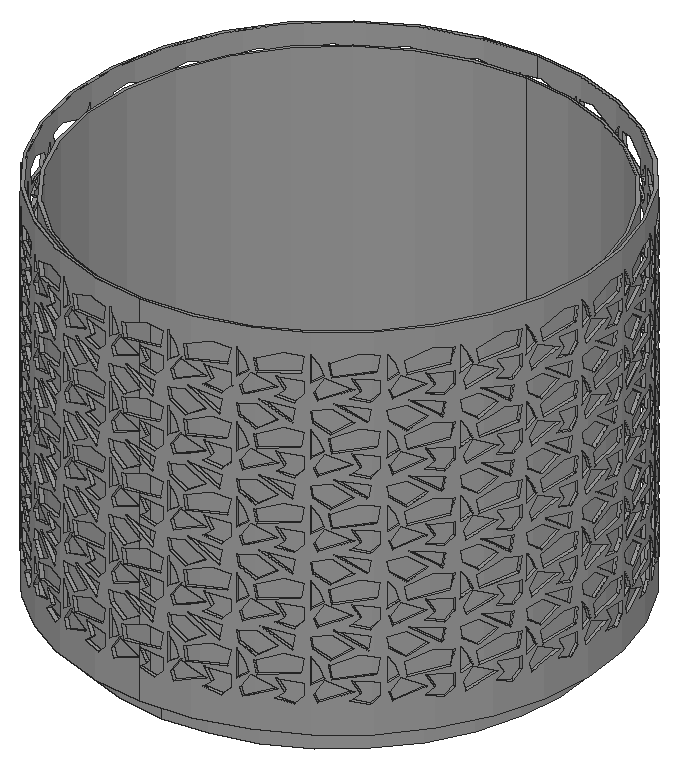
Revit family "14832 Цветочница «Филигран» средняя, диаметр 900 мм Хоббика", category Антураж, Revit 2018 (continued)
Automatic sketch dimensions
  Extrusion 18 sketch curve to plane 6 = 114.396 mm
  level to Extrusion 18 sketch curve = 212.391 mm
  Extrusion 18 sketch curve to Extrusion 18 sketch curve = 3.307 mm  (x4)
  Extrusion 18 sketch curve to plane 6 = 121.609 mm
  level to Extrusion 18 sketch curve = 334.391 mm
  Extrusion 18 sketch curve to plane 6 = 243.609 mm
  Extrusion 18 sketch curve to plane 6 = 72.971 mm
  Extrusion 18 sketch curve to Extrusion 18 sketch curve = 28.051 mm  (x5)
  level to Extrusion 18 sketch curve = 139.029 mm
  Extrusion 18 sketch curve to plane 6 = 316.971 mm
  level to Extrusion 18 sketch curve = 261.029 mm
  Extrusion 18 sketch curve to plane 6 = 194.971 mm
  Extrusion 18 sketch curve to plane 6 = 163.615 mm
  Extrusion 18 sketch curve to Extrusion 18 sketch curve = 0.133 mm  (x4)
  Extrusion 18 sketch curve to plane 6 = 285.615 mm
  level to Extrusion 18 sketch curve = 292.385 mm
  level to Extrusion 18 sketch curve = 170.385 mm
  level to Extrusion 18 sketch curve = 284.794 mm
  Extrusion 18 sketch curve to Extrusion 18 sketch curve = 4.057 mm  (x4)
  Extrusion 18 sketch curve to plane 6 = 171.206 mm
  level to Extrusion 18 sketch curve = 162.794 mm
  Extrusion 18 sketch curve to plane 6 = 49.206 mm
  Extrusion 18 sketch curve to Extrusion 18 sketch curve = 4.19 mm
  Extrusion 18 sketch curve to plane 6 = 293.206 mm
  Extrusion 18 sketch curve to plane 6 = 72.501 mm
  Extrusion 18 sketch curve to Extrusion 18 sketch curve = 8.628 mm  (x5)
  level to Extrusion 18 sketch curve = 139.499 mm
  Extrusion 18 sketch curve to plane 6 = 316.501 mm
  level to Extrusion 18 sketch curve = 261.499 mm
  Extrusion 18 sketch curve to plane 6 = 194.501 mm
  level to Extrusion 18 sketch curve = 141.498 mm
  Extrusion 18 sketch curve to Extrusion 18 sketch curve = 0.747 mm  (x5)
  Extrusion 18 sketch curve to plane 6 = 314.502 mm
  Extrusion 18 sketch curve to plane 6 = 70.502 mm
  level to Extrusion 18 sketch curve = 263.498 mm
  Extrusion 18 sketch curve to plane 6 = 192.502 mm
  level to Extrusion 18 sketch curve = 160.292 mm
  Extrusion 18 sketch curve to Extrusion 18 sketch curve = 12.025 mm  (x5)
  Extrusion 18 sketch curve to plane 6 = 173.708 mm
  Extrusion 18 sketch curve to plane 6 = 295.708 mm
  Extrusion 18 sketch curve to plane 6 = 51.708 mm
  level to Extrusion 18 sketch curve = 282.292 mm
  level to Extrusion 18 sketch curve = 345.67 mm
  Extrusion 18 sketch curve to Extrusion 18 sketch curve = 19.647 mm  (x4)
  Extrusion 18 sketch curve to plane 6 = 232.33 mm
  Extrusion 18 sketch curve to plane 6 = 110.33 mm
  level to Extrusion 18 sketch curve = 223.67 mm
  level to Extrusion 18 sketch curve = 101.67 mm
  Extrusion 18 sketch curve to Extrusion 18 sketch curve = 10.899 mm
  Extrusion 18 sketch curve to plane 6 = 217.681 mm
  level to Extrusion 18 sketch curve = 116.319 mm
  level to Extrusion 18 sketch curve = 238.319 mm
  Extrusion 18 sketch curve to plane 6 = 95.681 mm
  Extrusion 18 sketch curve to plane 6 = 339.681 mm
  level to Extrusion 18 sketch curve = 188.601 mm
  Extrusion 18 sketch curve to Extrusion 18 sketch curve = 9.934 mm  (x4)
  Extrusion 18 sketch curve to plane 6 = 267.399 mm
  Extrusion 18 sketch curve to plane 6 = 145.399 mm
  level to Extrusion 18 sketch curve = 310.601 mm
  Extrusion 18 sketch curve to plane 6 = 156.752 mm
  Extrusion 18 sketch curve to Extrusion 18 sketch curve = 2.998 mm  (x2)
  Extrusion 18 sketch curve to Extrusion 18 sketch curve = 4.288 mm  (x3)
  Extrusion 18 sketch curve to plane 6 = 325.917 mm
  Extrusion 18 sketch curve to plane 6 = 126.818 mm
  Extrusion 18 sketch curve to plane 6 = 248.818 mm
  level to Extrusion 18 sketch curve = 207.182 mm
  level to Extrusion 18 sketch curve = 329.182 mm
  Extrusion 18 sketch curve to Extrusion 18 sketch curve = 13.764 mm  (x4)
  Extrusion 18 sketch curve to Extrusion 18 sketch curve = 11.353 mm  (x3)
  Extrusion 18 sketch curve to Extrusion 18 sketch curve = 12.985 mm
  Extrusion 18 sketch curve to Extrusion 18 sketch curve = 16.957 mm
  level to Extrusion 19 sketch curve = 133.966 mm
  level to Extrusion 19 sketch curve = 255.966 mm
  Extrusion 19 sketch curve to Extrusion 19 sketch curve = 0 mm  (x9)
  Extrusion 19 sketch curve to plane 6 = 282.455 mm
  Extrusion 19 sketch curve to plane 6 = 78.034 mm
  Extrusion 19 sketch curve to plane 6 = 344.088 mm
  level to Extrusion 19 sketch curve = 173.545 mm
  Extrusion 19 sketch curve to plane 6 = 200.034 mm
  Extrusion 19 sketch curve to plane 6 = 38.455 mm
  level to Extrusion 19 sketch curve = 295.545 mm
  Extrusion 19 sketch curve to plane 6 = 160.455 mm
  Extrusion 19 sketch curve to plane 6 = 187.049 mm
  Extrusion 19 sketch curve to Extrusion 19 sketch curve = 4.689 mm  (x5)
  level to Extrusion 19 sketch curve = 268.951 mm
  Extrusion 19 sketch curve to plane 6 = 65.049 mm
  level to Extrusion 19 sketch curve = 146.951 mm
  Extrusion 19 sketch curve to plane 6 = 309.049 mm
  level to Extrusion 19 sketch curve = 332.294 mm
  Extrusion 19 sketch curve to Extrusion 19 sketch curve = 12.981 mm  (x4)
  Extrusion 19 sketch curve to plane 6 = 245.706 mm
  Extrusion 19 sketch curve to plane 6 = 123.706 mm
  level to Extrusion 19 sketch curve = 210.294 mm
  level to Extrusion 19 sketch curve = 97.77 mm
  Extrusion 19 sketch curve to Extrusion 19 sketch curve = 14.142 mm  (x5)
  level to Extrusion 19 sketch curve = 219.77 mm
  Extrusion 19 sketch curve to Extrusion 19 sketch curve = 1.161 mm  (x4)
  Extrusion 19 sketch curve to plane 6 = 114.23 mm
  level to Extrusion 19 sketch curve = 341.77 mm
  Extrusion 19 sketch curve to plane 6 = 236.23 mm
  level to Extrusion 19 sketch curve = 307.674 mm
  Extrusion 19 sketch curve to Extrusion 19 sketch curve = 17.322 mm  (x4)
  Extrusion 19 sketch curve to plane 6 = 270.326 mm
  Extrusion 19 sketch curve to plane 6 = 148.326 mm
  level to Extrusion 19 sketch curve = 185.674 mm
  Extrusion 19 sketch curve to plane 6 = 95.434 mm
  Extrusion 19 sketch curve to Extrusion 19 sketch curve = 14.512 mm  (x5)
  Extrusion 19 sketch curve to plane 6 = 217.434 mm
  Extrusion 19 sketch curve to plane 6 = 339.434 mm
  level to Extrusion 19 sketch curve = 238.566 mm
  level to Extrusion 19 sketch curve = 116.566 mm
  level to Extrusion 19 sketch curve = 178.754 mm
  Extrusion 19 sketch curve to plane 6 = 277.246 mm
  Extrusion 19 sketch curve to plane 6 = 33.246 mm
  level to Extrusion 19 sketch curve = 300.754 mm
  Extrusion 19 sketch curve to plane 6 = 155.246 mm
  level to Extrusion 19 sketch curve = 311.448 mm
  Extrusion 19 sketch curve to Extrusion 19 sketch curve = 6.775 mm  (x4)
  Extrusion 19 sketch curve to plane 6 = 266.552 mm
  Extrusion 19 sketch curve to plane 6 = 144.552 mm
  level to Extrusion 19 sketch curve = 189.448 mm
  level to Extrusion 19 sketch curve = 120.481 mm
  Extrusion 19 sketch curve to Extrusion 19 sketch curve = 8.395 mm  (x5)
  Extrusion 19 sketch curve to plane 6 = 213.519 mm
  Extrusion 19 sketch curve to plane 6 = 335.519 mm
  Extrusion 19 sketch curve to plane 6 = 91.519 mm
  level to Extrusion 19 sketch curve = 242.481 mm
  level to Extrusion 19 sketch curve = 260.217 mm
  Extrusion 19 sketch curve to Extrusion 19 sketch curve = 4.105 mm  (x5)
  Extrusion 19 sketch curve to plane 6 = 317.783 mm
  level to Extrusion 19 sketch curve = 138.217 mm
  Extrusion 19 sketch curve to plane 6 = 195.783 mm
  Extrusion 19 sketch curve to plane 6 = 73.783 mm
  level to Extrusion 19 sketch curve = 105.534 mm
  Extrusion 19 sketch curve to Extrusion 19 sketch curve = 6.071 mm  (x5)
  Extrusion 19 sketch curve to plane 6 = 106.466 mm
  level to Extrusion 19 sketch curve = 227.534 mm
  Extrusion 19 sketch curve to plane 6 = 228.466 mm
  level to Extrusion 19 sketch curve = 349.534 mm
  Extrusion 19 sketch curve to plane 6 = 236.396 mm
  level to Extrusion 19 sketch curve = 341.604 mm
  level to Extrusion 19 sketch curve = 219.604 mm
  Extrusion 19 sketch curve to plane 6 = 114.396 mm
  level to Extrusion 19 sketch curve = 212.391 mm
  Extrusion 19 sketch curve to Extrusion 19 sketch curve = 3.307 mm  (x4)
  Extrusion 19 sketch curve to plane 6 = 121.609 mm
  level to Extrusion 19 sketch curve = 334.391 mm
  Extrusion 19 sketch curve to plane 6 = 243.609 mm
  Extrusion 19 sketch curve to plane 6 = 72.971 mm
  Extrusion 19 sketch curve to Extrusion 19 sketch curve = 28.051 mm  (x5)
  level to Extrusion 19 sketch curve = 139.029 mm
  Extrusion 19 sketch curve to plane 6 = 316.971 mm
  level to Extrusion 19 sketch curve = 261.029 mm
  Extrusion 19 sketch curve to plane 6 = 194.971 mm
  Extrusion 19 sketch curve to plane 6 = 163.615 mm
  Extrusion 19 sketch curve to Extrusion 19 sketch curve = 0.133 mm  (x4)
  Extrusion 19 sketch curve to plane 6 = 285.615 mm
  level to Extrusion 19 sketch curve = 292.385 mm
  level to Extrusion 19 sketch curve = 170.385 mm
  level to Extrusion 19 sketch curve = 284.794 mm
  Extrusion 19 sketch curve to Extrusion 19 sketch curve = 4.057 mm  (x4)
  Extrusion 19 sketch curve to plane 6 = 171.206 mm
  level to Extrusion 19 sketch curve = 162.794 mm
  Extrusion 19 sketch curve to plane 6 = 49.206 mm
  Extrusion 19 sketch curve to Extrusion 19 sketch curve = 4.19 mm
  Extrusion 19 sketch curve to plane 6 = 293.206 mm
  Extrusion 19 sketch curve to plane 6 = 72.501 mm
  Extrusion 19 sketch curve to Extrusion 19 sketch curve = 8.628 mm  (x5)
  level to Extrusion 19 sketch curve = 139.499 mm
  Extrusion 19 sketch curve to plane 6 = 316.501 mm
  level to Extrusion 19 sketch curve = 261.499 mm
  Extrusion 19 sketch curve to plane 6 = 194.501 mm
  level to Extrusion 19 sketch curve = 141.498 mm
  Extrusion 19 sketch curve to Extrusion 19 sketch curve = 0.747 mm  (x5)
  Extrusion 19 sketch curve to plane 6 = 314.502 mm
  Extrusion 19 sketch curve to plane 6 = 70.502 mm
  level to Extrusion 19 sketch curve = 263.498 mm
  Extrusion 19 sketch curve to plane 6 = 192.502 mm
  level to Extrusion 19 sketch curve = 160.292 mm
  Extrusion 19 sketch curve to Extrusion 19 sketch curve = 12.025 mm  (x5)
  Extrusion 19 sketch curve to plane 6 = 173.708 mm
  Extrusion 19 sketch curve to plane 6 = 295.708 mm
  Extrusion 19 sketch curve to plane 6 = 51.708 mm
  level to Extrusion 19 sketch curve = 282.292 mm
  level to Extrusion 19 sketch curve = 345.67 mm
  Extrusion 19 sketch curve to Extrusion 19 sketch curve = 19.647 mm  (x4)
  Extrusion 19 sketch curve to plane 6 = 232.33 mm
  Extrusion 19 sketch curve to plane 6 = 110.33 mm
  level to Extrusion 19 sketch curve = 223.67 mm
  level to Extrusion 19 sketch curve = 101.67 mm
  Extrusion 19 sketch curve to Extrusion 19 sketch curve = 10.899 mm
  Extrusion 19 sketch curve to plane 6 = 217.681 mm
  level to Extrusion 19 sketch curve = 116.319 mm
  level to Extrusion 19 sketch curve = 238.319 mm
  Extrusion 19 sketch curve to plane 6 = 95.681 mm
  Extrusion 19 sketch curve to plane 6 = 339.681 mm
  level to Extrusion 19 sketch curve = 188.601 mm
  Extrusion 19 sketch curve to Extrusion 19 sketch curve = 9.934 mm  (x4)
  Extrusion 19 sketch curve to plane 6 = 267.399 mm
  Extrusion 19 sketch curve to plane 6 = 145.399 mm
  level to Extrusion 19 sketch curve = 310.601 mm
  Extrusion 19 sketch curve to plane 6 = 156.752 mm
  Extrusion 19 sketch curve to Extrusion 19 sketch curve = 2.998 mm  (x2)
  Extrusion 19 sketch curve to Extrusion 19 sketch curve = 4.288 mm  (x3)
  Extrusion 19 sketch curve to plane 6 = 325.917 mm
  Extrusion 19 sketch curve to plane 6 = 126.818 mm
  Extrusion 19 sketch curve to plane 6 = 248.818 mm
  level to Extrusion 19 sketch curve = 207.182 mm
  level to Extrusion 19 sketch curve = 329.182 mm
  Extrusion 19 sketch curve to Extrusion 19 sketch curve = 13.764 mm  (x4)
  Extrusion 19 sketch curve to Extrusion 19 sketch curve = 11.353 mm  (x3)
  Extrusion 19 sketch curve to Extrusion 19 sketch curve = 12.985 mm
  Extrusion 19 sketch curve to Extrusion 19 sketch curve = 16.957 mm
  level to Extrusion 20 sketch curve = 133.966 mm
  level to Extrusion 20 sketch curve = 255.966 mm
  Extrusion 20 sketch curve to Extrusion 20 sketch curve = 0 mm  (x9)
  Extrusion 20 sketch curve to plane 6 = 282.455 mm
  Extrusion 20 sketch curve to plane 6 = 78.034 mm
  Extrusion 20 sketch curve to plane 6 = 344.088 mm
  level to Extrusion 20 sketch curve = 173.545 mm
  Extrusion 20 sketch curve to plane 6 = 200.034 mm
  Extrusion 20 sketch curve to plane 6 = 38.455 mm
  level to Extrusion 20 sketch curve = 295.545 mm
  Extrusion 20 sketch curve to plane 6 = 160.455 mm
  Extrusion 20 sketch curve to plane 6 = 187.049 mm
  Extrusion 20 sketch curve to Extrusion 20 sketch curve = 4.689 mm  (x5)
  level to Extrusion 20 sketch curve = 268.951 mm
  Extrusion 20 sketch curve to plane 6 = 65.049 mm
  level to Extrusion 20 sketch curve = 146.951 mm
  Extrusion 20 sketch curve to plane 6 = 309.049 mm
  level to Extrusion 20 sketch curve = 332.294 mm
  Extrusion 20 sketch curve to Extrusion 20 sketch curve = 12.981 mm  (x4)
  Extrusion 20 sketch curve to plane 6 = 245.706 mm
  Extrusion 20 sketch curve to plane 6 = 123.706 mm
  level to Extrusion 20 sketch curve = 210.294 mm
  level to Extrusion 20 sketch curve = 97.77 mm
  Extrusion 20 sketch curve to Extrusion 20 sketch curve = 14.142 mm  (x5)
  level to Extrusion 20 sketch curve = 219.77 mm
  Extrusion 20 sketch curve to Extrusion 20 sketch curve = 1.161 mm  (x4)
  Extrusion 20 sketch curve to plane 6 = 114.23 mm
  level to Extrusion 20 sketch curve = 341.77 mm
  Extrusion 20 sketch curve to plane 6 = 236.23 mm
  level to Extrusion 20 sketch curve = 307.674 mm
  Extrusion 20 sketch curve to Extrusion 20 sketch curve = 17.322 mm  (x4)
  Extrusion 20 sketch curve to plane 6 = 270.326 mm
  Extrusion 20 sketch curve to plane 6 = 148.326 mm
  level to Extrusion 20 sketch curve = 185.674 mm
  Extrusion 20 sketch curve to plane 6 = 95.434 mm
  Extrusion 20 sketch curve to Extrusion 20 sketch curve = 14.512 mm  (x5)
  Extrusion 20 sketch curve to plane 6 = 217.434 mm
  Extrusion 20 sketch curve to plane 6 = 339.434 mm
  level to Extrusion 20 sketch curve = 238.566 mm
  level to Extrusion 20 sketch curve = 116.566 mm
  level to Extrusion 20 sketch curve = 178.754 mm
  Extrusion 20 sketch curve to plane 6 = 277.246 mm
  Extrusion 20 sketch curve to plane 6 = 33.246 mm
  level to Extrusion 20 sketch curve = 300.754 mm
  Extrusion 20 sketch curve to plane 6 = 155.246 mm
  level to Extrusion 20 sketch curve = 311.448 mm
  Extrusion 20 sketch curve to Extrusion 20 sketch curve = 6.775 mm  (x4)
  Extrusion 20 sketch curve to plane 6 = 266.552 mm
  Extrusion 20 sketch curve to plane 6 = 144.552 mm
  level to Extrusion 20 sketch curve = 189.448 mm
  level to Extrusion 20 sketch curve = 120.481 mm
  Extrusion 20 sketch curve to Extrusion 20 sketch curve = 8.395 mm  (x5)
  Extrusion 20 sketch curve to plane 6 = 213.519 mm
  Extrusion 20 sketch curve to plane 6 = 335.519 mm
  Extrusion 20 sketch curve to plane 6 = 91.519 mm
  level to Extrusion 20 sketch curve = 242.481 mm
  level to Extrusion 20 sketch curve = 260.217 mm
  Extrusion 20 sketch curve to Extrusion 20 sketch curve = 4.105 mm  (x5)
  Extrusion 20 sketch curve to plane 6 = 317.783 mm
  level to Extrusion 20 sketch curve = 138.217 mm
  Extrusion 20 sketch curve to plane 6 = 195.783 mm
  Extrusion 20 sketch curve to plane 6 = 73.783 mm
  level to Extrusion 20 sketch curve = 105.534 mm
  Extrusion 20 sketch curve to Extrusion 20 sketch curve = 6.071 mm  (x5)
  Extrusion 20 sketch curve to plane 6 = 106.466 mm
  level to Extrusion 20 sketch curve = 227.534 mm
  Extrusion 20 sketch curve to plane 6 = 228.466 mm
  level to Extrusion 20 sketch curve = 349.534 mm
  Extrusion 20 sketch curve to plane 6 = 236.396 mm
  level to Extrusion 20 sketch curve = 341.604 mm
  level to Extrusion 20 sketch curve = 219.604 mm
  Extrusion 20 sketch curve to plane 6 = 114.396 mm
  level to Extrusion 20 sketch curve = 212.391 mm
  Extrusion 20 sketch curve to Extrusion 20 sketch curve = 3.307 mm  (x4)
  Extrusion 20 sketch curve to plane 6 = 121.609 mm
  level to Extrusion 20 sketch curve = 334.391 mm
  Extrusion 20 sketch curve to plane 6 = 243.609 mm
  Extrusion 20 sketch curve to plane 6 = 72.971 mm
  Extrusion 20 sketch curve to Extrusion 20 sketch curve = 28.051 mm  (x5)
  level to Extrusion 20 sketch curve = 139.029 mm
  Extrusion 20 sketch curve to plane 6 = 316.971 mm
  level to Extrusion 20 sketch curve = 261.029 mm
  Extrusion 20 sketch curve to plane 6 = 194.971 mm
  Extrusion 20 sketch curve to plane 6 = 163.615 mm
  Extrusion 20 sketch curve to Extrusion 20 sketch curve = 0.133 mm  (x4)
  Extrusion 20 sketch curve to plane 6 = 285.615 mm
  level to Extrusion 20 sketch curve = 292.385 mm
  level to Extrusion 20 sketch curve = 170.385 mm
  level to Extrusion 20 sketch curve = 284.794 mm
  Extrusion 20 sketch curve to Extrusion 20 sketch curve = 4.057 mm  (x4)
  Extrusion 20 sketch curve to plane 6 = 171.206 mm
  level to Extrusion 20 sketch curve = 162.794 mm
  Extrusion 20 sketch curve to plane 6 = 49.206 mm
  Extrusion 20 sketch curve to Extrusion 20 sketch curve = 4.19 mm
  Extrusion 20 sketch curve to plane 6 = 293.206 mm
  Extrusion 20 sketch curve to plane 6 = 72.501 mm
  Extrusion 20 sketch curve to Extrusion 20 sketch curve = 8.628 mm  (x5)
  level to Extrusion 20 sketch curve = 139.499 mm
  Extrusion 20 sketch curve to plane 6 = 316.501 mm
  level to Extrusion 20 sketch curve = 261.499 mm
  Extrusion 20 sketch curve to plane 6 = 194.501 mm
  level to Extrusion 20 sketch curve = 141.498 mm
  Extrusion 20 sketch curve to Extrusion 20 sketch curve = 0.747 mm  (x5)
  Extrusion 20 sketch curve to plane 6 = 314.502 mm
  Extrusion 20 sketch curve to plane 6 = 70.502 mm
  level to Extrusion 20 sketch curve = 263.498 mm
  Extrusion 20 sketch curve to plane 6 = 192.502 mm
  level to Extrusion 20 sketch curve = 160.292 mm
  Extrusion 20 sketch curve to Extrusion 20 sketch curve = 12.025 mm  (x5)
  Extrusion 20 sketch curve to plane 6 = 173.708 mm
  Extrusion 20 sketch curve to plane 6 = 295.708 mm
  Extrusion 20 sketch curve to plane 6 = 51.708 mm
  level to Extrusion 20 sketch curve = 282.292 mm
  level to Extrusion 20 sketch curve = 345.67 mm
  Extrusion 20 sketch curve to Extrusion 20 sketch curve = 19.647 mm  (x4)
  Extrusion 20 sketch curve to plane 6 = 232.33 mm
  Extrusion 20 sketch curve to plane 6 = 110.33 mm
  level to Extrusion 20 sketch curve = 223.67 mm
  level to Extrusion 20 sketch curve = 101.67 mm
  Extrusion 20 sketch curve to Extrusion 20 sketch curve = 10.899 mm
  Extrusion 20 sketch curve to plane 6 = 217.681 mm
  level to Extrusion 20 sketch curve = 116.319 mm
  level to Extrusion 20 sketch curve = 238.319 mm
  Extrusion 20 sketch curve to plane 6 = 95.681 mm
  Extrusion 20 sketch curve to plane 6 = 339.681 mm
  level to Extrusion 20 sketch curve = 188.601 mm
  Extrusion 20 sketch curve to Extrusion 20 sketch curve = 9.934 mm  (x4)
  Extrusion 20 sketch curve to plane 6 = 267.399 mm
  Extrusion 20 sketch curve to plane 6 = 145.399 mm
  level to Extrusion 20 sketch curve = 310.601 mm
  Extrusion 20 sketch curve to plane 6 = 156.752 mm
  Extrusion 20 sketch curve to Extrusion 20 sketch curve = 2.998 mm  (x2)
  Extrusion 20 sketch curve to Extrusion 20 sketch curve = 4.288 mm  (x3)
  Extrusion 20 sketch curve to plane 6 = 325.917 mm
  Extrusion 20 sketch curve to plane 6 = 126.818 mm
  Extrusion 20 sketch curve to plane 6 = 248.818 mm
  level to Extrusion 20 sketch curve = 207.182 mm
  level to Extrusion 20 sketch curve = 329.182 mm
  Extrusion 20 sketch curve to Extrusion 20 sketch curve = 13.764 mm  (x4)
  Extrusion 20 sketch curve to Extrusion 20 sketch curve = 11.353 mm  (x3)
  Extrusion 20 sketch curve to Extrusion 20 sketch curve = 12.985 mm
  Extrusion 20 sketch curve to Extrusion 20 sketch curve = 16.957 mm
  level to Extrusion 21 sketch curve = 133.966 mm
  level to Extrusion 21 sketch curve = 255.966 mm
  Extrusion 21 sketch curve to Extrusion 21 sketch curve = 0 mm  (x9)
  Extrusion 21 sketch curve to plane 6 = 282.455 mm
  Extrusion 21 sketch curve to plane 6 = 78.034 mm
  Extrusion 21 sketch curve to plane 6 = 344.088 mm
  level to Extrusion 21 sketch curve = 173.545 mm
  Extrusion 21 sketch curve to plane 6 = 200.034 mm
  Extrusion 21 sketch curve to plane 6 = 38.455 mm
  level to Extrusion 21 sketch curve = 295.545 mm
  Extrusion 21 sketch curve to plane 6 = 160.455 mm
  Extrusion 21 sketch curve to plane 6 = 187.049 mm
  Extrusion 21 sketch curve to Extrusion 21 sketch curve = 4.689 mm  (x5)
  level to Extrusion 21 sketch curve = 268.951 mm
  Extrusion 21 sketch curve to plane 6 = 65.049 mm
  level to Extrusion 21 sketch curve = 146.951 mm
  Extrusion 21 sketch curve to plane 6 = 309.049 mm
  level to Extrusion 21 sketch curve = 332.294 mm
  Extrusion 21 sketch curve to Extrusion 21 sketch curve = 12.981 mm  (x4)
  Extrusion 21 sketch curve to plane 6 = 245.706 mm
  Extrusion 21 sketch curve to plane 6 = 123.706 mm
  level to Extrusion 21 sketch curve = 210.294 mm
  level to Extrusion 21 sketch curve = 97.77 mm
  Extrusion 21 sketch curve to Extrusion 21 sketch curve = 14.142 mm  (x5)
  level to Extrusion 21 sketch curve = 219.77 mm
  Extrusion 21 sketch curve to Extrusion 21 sketch curve = 1.161 mm  (x4)
  Extrusion 21 sketch curve to plane 6 = 114.23 mm
  level to Extrusion 21 sketch curve = 341.77 mm
  Extrusion 21 sketch curve to plane 6 = 236.23 mm
  level to Extrusion 21 sketch curve = 307.674 mm
  Extrusion 21 sketch curve to Extrusion 21 sketch curve = 17.322 mm  (x4)
  Extrusion 21 sketch curve to plane 6 = 270.326 mm
  Extrusion 21 sketch curve to plane 6 = 148.326 mm
  level to Extrusion 21 sketch curve = 185.674 mm
  Extrusion 21 sketch curve to plane 6 = 95.434 mm
  Extrusion 21 sketch curve to Extrusion 21 sketch curve = 14.512 mm  (x5)
  Extrusion 21 sketch curve to plane 6 = 217.434 mm
  Extrusion 21 sketch curve to plane 6 = 339.434 mm
  level to Extrusion 21 sketch curve = 238.566 mm
  level to Extrusion 21 sketch curve = 116.566 mm
  level to Extrusion 21 sketch curve = 178.754 mm
  Extrusion 21 sketch curve to plane 6 = 277.246 mm
  Extrusion 21 sketch curve to plane 6 = 33.246 mm
  level to Extrusion 21 sketch curve = 300.754 mm
  Extrusion 21 sketch curve to plane 6 = 155.246 mm
  level to Extrusion 21 sketch curve = 311.448 mm
  Extrusion 21 sketch curve to Extrusion 21 sketch curve = 6.775 mm  (x4)
  Extrusion 21 sketch curve to plane 6 = 266.552 mm
  Extrusion 21 sketch curve to plane 6 = 144.552 mm
  level to Extrusion 21 sketch curve = 189.448 mm
  level to Extrusion 21 sketch curve = 120.481 mm
  Extrusion 21 sketch curve to Extrusion 21 sketch curve = 8.395 mm  (x5)
  Extrusion 21 sketch curve to plane 6 = 213.519 mm
  Extrusion 21 sketch curve to plane 6 = 335.519 mm
  Extrusion 21 sketch curve to plane 6 = 91.519 mm
  level to Extrusion 21 sketch curve = 242.481 mm
  level to Extrusion 21 sketch curve = 260.217 mm
  Extrusion 21 sketch curve to Extrusion 21 sketch curve = 4.105 mm  (x5)
  Extrusion 21 sketch curve to plane 6 = 317.783 mm
  level to Extrusion 21 sketch curve = 138.217 mm
  Extrusion 21 sketch curve to plane 6 = 195.783 mm
  Extrusion 21 sketch curve to plane 6 = 73.783 mm
  level to Extrusion 21 sketch curve = 105.534 mm
  Extrusion 21 sketch curve to Extrusion 21 sketch curve = 6.071 mm  (x5)
  Extrusion 21 sketch curve to plane 6 = 106.466 mm
  level to Extrusion 21 sketch curve = 227.534 mm
  Extrusion 21 sketch curve to plane 6 = 228.466 mm
  level to Extrusion 21 sketch curve = 349.534 mm
  Extrusion 21 sketch curve to plane 6 = 236.396 mm
  level to Extrusion 21 sketch curve = 341.604 mm
  level to Extrusion 21 sketch curve = 219.604 mm
  Extrusion 21 sketch curve to plane 6 = 114.396 mm
  level to Extrusion 21 sketch curve = 212.391 mm
  Extrusion 21 sketch curve to Extrusion 21 sketch curve = 3.307 mm  (x4)
  Extrusion 21 sketch curve to plane 6 = 121.609 mm
  level to Extrusion 21 sketch curve = 334.391 mm
  Extrusion 21 sketch curve to plane 6 = 243.609 mm
  Extrusion 21 sketch curve to plane 6 = 72.971 mm
  Extrusion 21 sketch curve to Extrusion 21 sketch curve = 28.051 mm  (x5)
  level to Extrusion 21 sketch curve = 139.029 mm
  Extrusion 21 sketch curve to plane 6 = 316.971 mm
  level to Extrusion 21 sketch curve = 261.029 mm
  Extrusion 21 sketch curve to plane 6 = 194.971 mm
  Extrusion 21 sketch curve to plane 6 = 163.615 mm
  Extrusion 21 sketch curve to Extrusion 21 sketch curve = 0.133 mm  (x4)
  Extrusion 21 sketch curve to plane 6 = 285.615 mm
  level to Extrusion 21 sketch curve = 292.385 mm
  level to Extrusion 21 sketch curve = 170.385 mm
  level to Extrusion 21 sketch curve = 284.794 mm
  Extrusion 21 sketch curve to Extrusion 21 sketch curve = 4.057 mm  (x4)
  Extrusion 21 sketch curve to plane 6 = 171.206 mm
  level to Extrusion 21 sketch curve = 162.794 mm
  Extrusion 21 sketch curve to plane 6 = 49.206 mm
  Extrusion 21 sketch curve to Extrusion 21 sketch curve = 4.19 mm
  Extrusion 21 sketch curve to plane 6 = 293.206 mm
  Extrusion 21 sketch curve to plane 6 = 72.501 mm
  Extrusion 21 sketch curve to Extrusion 21 sketch curve = 8.628 mm  (x5)
  level to Extrusion 21 sketch curve = 139.499 mm
  Extrusion 21 sketch curve to plane 6 = 316.501 mm
  level to Extrusion 21 sketch curve = 261.499 mm
  Extrusion 21 sketch curve to plane 6 = 194.501 mm
  level to Extrusion 21 sketch curve = 141.498 mm
  Extrusion 21 sketch curve to Extrusion 21 sketch curve = 0.747 mm  (x5)
  Extrusion 21 sketch curve to plane 6 = 314.502 mm
  Extrusion 21 sketch curve to plane 6 = 70.502 mm
  level to Extrusion 21 sketch curve = 263.498 mm
  Extrusion 21 sketch curve to plane 6 = 192.502 mm
  level to Extrusion 21 sketch curve = 160.292 mm
  Extrusion 21 sketch curve to Extrusion 21 sketch curve = 12.025 mm  (x5)
  Extrusion 21 sketch curve to plane 6 = 173.708 mm
  Extrusion 21 sketch curve to plane 6 = 295.708 mm
  Extrusion 21 sketch curve to plane 6 = 51.708 mm
  level to Extrusion 21 sketch curve = 282.292 mm
  level to Extrusion 21 sketch curve = 345.67 mm
  Extrusion 21 sketch curve to Extrusion 21 sketch curve = 19.647 mm  (x4)
  Extrusion 21 sketch curve to plane 6 = 232.33 mm
  Extrusion 21 sketch curve to plane 6 = 110.33 mm
  level to Extrusion 21 sketch curve = 223.67 mm
  level to Extrusion 21 sketch curve = 101.67 mm
  Extrusion 21 sketch curve to Extrusion 21 sketch curve = 10.899 mm
  Extrusion 21 sketch curve to plane 6 = 217.681 mm
  level to Extrusion 21 sketch curve = 116.319 mm
  level to Extrusion 21 sketch curve = 238.319 mm
  Extrusion 21 sketch curve to plane 6 = 95.681 mm
  Extrusion 21 sketch curve to plane 6 = 339.681 mm
  level to Extrusion 21 sketch curve = 188.601 mm
  Extrusion 21 sketch curve to Extrusion 21 sketch curve = 9.934 mm  (x4)
  Extrusion 21 sketch curve to plane 6 = 267.399 mm
  Extrusion 21 sketch curve to plane 6 = 145.399 mm
  level to Extrusion 21 sketch curve = 310.601 mm
  Extrusion 21 sketch curve to plane 6 = 156.752 mm
  Extrusion 21 sketch curve to Extrusion 21 sketch curve = 2.998 mm  (x2)
  Extrusion 21 sketch curve to Extrusion 21 sketch curve = 4.288 mm  (x3)
  Extrusion 21 sketch curve to plane 6 = 325.917 mm
  Extrusion 21 sketch curve to plane 6 = 126.818 mm
  Extrusion 21 sketch curve to plane 6 = 248.818 mm
  level to Extrusion 21 sketch curve = 207.182 mm
  level to Extrusion 21 sketch curve = 329.182 mm
  Extrusion 21 sketch curve to Extrusion 21 sketch curve = 13.764 mm  (x4)
  Extrusion 21 sketch curve to Extrusion 21 sketch curve = 11.353 mm  (x3)
  Extrusion 21 sketch curve to Extrusion 21 sketch curve = 12.985 mm
  Extrusion 21 sketch curve to Extrusion 21 sketch curve = 16.957 mm
  level to Extrusion 22 sketch curve = 133.966 mm
  level to Extrusion 22 sketch curve = 255.966 mm
  Extrusion 22 sketch curve to Extrusion 22 sketch curve = 0 mm  (x9)
  Extrusion 22 sketch curve to plane 6 = 282.455 mm
  Extrusion 22 sketch curve to plane 6 = 78.034 mm
  Extrusion 22 sketch curve to plane 6 = 344.088 mm
  level to Extrusion 22 sketch curve = 173.545 mm
  Extrusion 22 sketch curve to plane 6 = 200.034 mm
  Extrusion 22 sketch curve to plane 6 = 38.455 mm
  level to Extrusion 22 sketch curve = 295.545 mm
  Extrusion 22 sketch curve to plane 6 = 160.455 mm
  Extrusion 22 sketch curve to plane 6 = 187.049 mm
  Extrusion 22 sketch curve to Extrusion 22 sketch curve = 4.689 mm  (x5)
  level to Extrusion 22 sketch curve = 268.951 mm
  Extrusion 22 sketch curve to plane 6 = 65.049 mm
  level to Extrusion 22 sketch curve = 146.951 mm
  Extrusion 22 sketch curve to plane 6 = 309.049 mm
  level to Extrusion 22 sketch curve = 332.294 mm
  Extrusion 22 sketch curve to Extrusion 22 sketch curve = 12.981 mm  (x4)
  Extrusion 22 sketch curve to plane 6 = 245.706 mm
  Extrusion 22 sketch curve to plane 6 = 123.706 mm
  level to Extrusion 22 sketch curve = 210.294 mm
  level to Extrusion 22 sketch curve = 97.77 mm
  Extrusion 22 sketch curve to Extrusion 22 sketch curve = 14.142 mm  (x5)
  level to Extrusion 22 sketch curve = 219.77 mm
  Extrusion 22 sketch curve to Extrusion 22 sketch curve = 1.161 mm  (x4)
  Extrusion 22 sketch curve to plane 6 = 114.23 mm
  level to Extrusion 22 sketch curve = 341.77 mm
  Extrusion 22 sketch curve to plane 6 = 236.23 mm
  level to Extrusion 22 sketch curve = 307.674 mm
  Extrusion 22 sketch curve to Extrusion 22 sketch curve = 17.322 mm  (x4)
  Extrusion 22 sketch curve to plane 6 = 270.326 mm
  Extrusion 22 sketch curve to plane 6 = 148.326 mm
  level to Extrusion 22 sketch curve = 185.674 mm
  Extrusion 22 sketch curve to plane 6 = 95.434 mm
  Extrusion 22 sketch curve to Extrusion 22 sketch curve = 14.512 mm  (x5)
  Extrusion 22 sketch curve to plane 6 = 217.434 mm
  Extrusion 22 sketch curve to plane 6 = 339.434 mm
  level to Extrusion 22 sketch curve = 238.566 mm
  level to Extrusion 22 sketch curve = 116.566 mm
  level to Extrusion 22 sketch curve = 178.754 mm
  Extrusion 22 sketch curve to plane 6 = 277.246 mm
  Extrusion 22 sketch curve to plane 6 = 33.246 mm
  level to Extrusion 22 sketch curve = 300.754 mm
  Extrusion 22 sketch curve to plane 6 = 155.246 mm
  level to Extrusion 22 sketch curve = 311.448 mm
  Extrusion 22 sketch curve to Extrusion 22 sketch curve = 6.775 mm  (x4)
  Extrusion 22 sketch curve to plane 6 = 266.552 mm
  Extrusion 22 sketch curve to plane 6 = 144.552 mm
  level to Extrusion 22 sketch curve = 189.448 mm
  level to Extrusion 22 sketch curve = 120.481 mm
  Extrusion 22 sketch curve to Extrusion 22 sketch curve = 8.395 mm  (x5)
  Extrusion 22 sketch curve to plane 6 = 213.519 mm
  Extrusion 22 sketch curve to plane 6 = 335.519 mm
  Extrusion 22 sketch curve to plane 6 = 91.519 mm
  level to Extrusion 22 sketch curve = 242.481 mm
  level to Extrusion 22 sketch curve = 260.217 mm
  Extrusion 22 sketch curve to Extrusion 22 sketch curve = 4.105 mm  (x5)
  Extrusion 22 sketch curve to plane 6 = 317.783 mm
  level to Extrusion 22 sketch curve = 138.217 mm
  Extrusion 22 sketch curve to plane 6 = 195.783 mm
  Extrusion 22 sketch curve to plane 6 = 73.783 mm
  level to Extrusion 22 sketch curve = 105.534 mm
  Extrusion 22 sketch curve to Extrusion 22 sketch curve = 6.071 mm  (x5)
  Extrusion 22 sketch curve to plane 6 = 106.466 mm
  level to Extrusion 22 sketch curve = 227.534 mm
  Extrusion 22 sketch curve to plane 6 = 228.466 mm
  level to Extrusion 22 sketch curve = 349.534 mm
  Extrusion 22 sketch curve to plane 6 = 236.396 mm
  level to Extrusion 22 sketch curve = 341.604 mm
  level to Extrusion 22 sketch curve = 219.604 mm
  Extrusion 22 sketch curve to plane 6 = 114.396 mm
  level to Extrusion 22 sketch curve = 212.391 mm
  Extrusion 22 sketch curve to Extrusion 22 sketch curve = 3.307 mm  (x4)
  Extrusion 22 sketch curve to plane 6 = 121.609 mm
  level to Extrusion 22 sketch curve = 334.391 mm
  Extrusion 22 sketch curve to plane 6 = 243.609 mm
  Extrusion 22 sketch curve to plane 6 = 72.971 mm
  Extrusion 22 sketch curve to Extrusion 22 sketch curve = 28.051 mm  (x5)
  level to Extrusion 22 sketch curve = 139.029 mm
  Extrusion 22 sketch curve to plane 6 = 316.971 mm
  level to Extrusion 22 sketch curve = 261.029 mm
  Extrusion 22 sketch curve to plane 6 = 194.971 mm
  Extrusion 22 sketch curve to plane 6 = 163.615 mm
  Extrusion 22 sketch curve to Extrusion 22 sketch curve = 0.133 mm  (x4)
  Extrusion 22 sketch curve to plane 6 = 285.615 mm
  level to Extrusion 22 sketch curve = 292.385 mm
  level to Extrusion 22 sketch curve = 170.385 mm
  level to Extrusion 22 sketch curve = 284.794 mm
  Extrusion 22 sketch curve to Extrusion 22 sketch curve = 4.057 mm  (x4)
  Extrusion 22 sketch curve to plane 6 = 171.206 mm
  level to Extrusion 22 sketch curve = 162.794 mm
  Extrusion 22 sketch curve to plane 6 = 49.206 mm
  Extrusion 22 sketch curve to Extrusion 22 sketch curve = 4.19 mm
  Extrusion 22 sketch curve to plane 6 = 293.206 mm
  Extrusion 22 sketch curve to plane 6 = 72.501 mm
  Extrusion 22 sketch curve to Extrusion 22 sketch curve = 8.628 mm  (x5)
  level to Extrusion 22 sketch curve = 139.499 mm
  Extrusion 22 sketch curve to plane 6 = 316.501 mm
  level to Extrusion 22 sketch curve = 261.499 mm
  Extrusion 22 sketch curve to plane 6 = 194.501 mm
  level to Extrusion 22 sketch curve = 141.498 mm
  Extrusion 22 sketch curve to Extrusion 22 sketch curve = 0.747 mm  (x5)
  Extrusion 22 sketch curve to plane 6 = 314.502 mm
  Extrusion 22 sketch curve to plane 6 = 70.502 mm
  level to Extrusion 22 sketch curve = 263.498 mm
  Extrusion 22 sketch curve to plane 6 = 192.502 mm
  level to Extrusion 22 sketch curve = 160.292 mm
  Extrusion 22 sketch curve to Extrusion 22 sketch curve = 12.025 mm  (x5)
  Extrusion 22 sketch curve to plane 6 = 173.708 mm
  Extrusion 22 sketch curve to plane 6 = 295.708 mm
  Extrusion 22 sketch curve to plane 6 = 51.708 mm
  level to Extrusion 22 sketch curve = 282.292 mm
  level to Extrusion 22 sketch curve = 345.67 mm
  Extrusion 22 sketch curve to Extrusion 22 sketch curve = 19.647 mm  (x4)
  Extrusion 22 sketch curve to plane 6 = 232.33 mm
  Extrusion 22 sketch curve to plane 6 = 110.33 mm
  level to Extrusion 22 sketch curve = 223.67 mm
  level to Extrusion 22 sketch curve = 101.67 mm
  Extrusion 22 sketch curve to Extrusion 22 sketch curve = 10.899 mm
  Extrusion 22 sketch curve to plane 6 = 217.681 mm
  level to Extrusion 22 sketch curve = 116.319 mm
  level to Extrusion 22 sketch curve = 238.319 mm
  Extrusion 22 sketch curve to plane 6 = 95.681 mm
  Extrusion 22 sketch curve to plane 6 = 339.681 mm
  level to Extrusion 22 sketch curve = 188.601 mm
  Extrusion 22 sketch curve to Extrusion 22 sketch curve = 9.934 mm  (x4)
  Extrusion 22 sketch curve to plane 6 = 267.399 mm
  Extrusion 22 sketch curve to plane 6 = 145.399 mm
  level to Extrusion 22 sketch curve = 310.601 mm
  Extrusion 22 sketch curve to plane 6 = 156.752 mm
  Extrusion 22 sketch curve to Extrusion 22 sketch curve = 2.998 mm  (x2)
  Extrusion 22 sketch curve to Extrusion 22 sketch curve = 4.288 mm  (x3)
  Extrusion 22 sketch curve to plane 6 = 325.917 mm
  Extrusion 22 sketch curve to plane 6 = 126.818 mm
  Extrusion 22 sketch curve to plane 6 = 248.818 mm
  level to Extrusion 22 sketch curve = 207.182 mm
  level to Extrusion 22 sketch curve = 329.182 mm
  Extrusion 22 sketch curve to Extrusion 22 sketch curve = 13.764 mm  (x4)
  Extrusion 22 sketch curve to Extrusion 22 sketch curve = 11.353 mm  (x3)
  Extrusion 22 sketch curve to Extrusion 22 sketch curve = 12.985 mm
  Extrusion 22 sketch curve to Extrusion 22 sketch curve = 16.957 mm
  level to Extrusion 23 sketch curve = 133.966 mm
  level to Extrusion 23 sketch curve = 255.966 mm
  Extrusion 23 sketch curve to Extrusion 23 sketch curve = 0 mm  (x9)
  Extrusion 23 sketch curve to plane 6 = 282.455 mm
  Extrusion 23 sketch curve to plane 6 = 78.034 mm
  Extrusion 23 sketch curve to plane 6 = 344.088 mm
  level to Extrusion 23 sketch curve = 173.545 mm
  Extrusion 23 sketch curve to plane 6 = 200.034 mm
  Extrusion 23 sketch curve to plane 6 = 38.455 mm
  level to Extrusion 23 sketch curve = 295.545 mm
  Extrusion 23 sketch curve to plane 6 = 160.455 mm
  Extrusion 23 sketch curve to plane 6 = 187.049 mm
  Extrusion 23 sketch curve to Extrusion 23 sketch curve = 4.689 mm  (x5)
  level to Extrusion 23 sketch curve = 268.951 mm
  Extrusion 23 sketch curve to plane 6 = 65.049 mm
  level to Extrusion 23 sketch curve = 146.951 mm
  Extrusion 23 sketch curve to plane 6 = 309.049 mm
  level to Extrusion 23 sketch curve = 332.294 mm
  Extrusion 23 sketch curve to Extrusion 23 sketch curve = 12.981 mm  (x4)
  Extrusion 23 sketch curve to plane 6 = 245.706 mm
  Extrusion 23 sketch curve to plane 6 = 123.706 mm
  level to Extrusion 23 sketch curve = 210.294 mm
  level to Extrusion 23 sketch curve = 97.77 mm
  Extrusion 23 sketch curve to Extrusion 23 sketch curve = 14.142 mm  (x5)
  level to Extrusion 23 sketch curve = 219.77 mm
  Extrusion 23 sketch curve to Extrusion 23 sketch curve = 1.161 mm  (x4)
  Extrusion 23 sketch curve to plane 6 = 114.23 mm
  level to Extrusion 23 sketch curve = 341.77 mm
  Extrusion 23 sketch curve to plane 6 = 236.23 mm
  level to Extrusion 23 sketch curve = 307.674 mm
  Extrusion 23 sketch curve to Extrusion 23 sketch curve = 17.322 mm  (x4)
  Extrusion 23 sketch curve to plane 6 = 270.326 mm
  Extrusion 23 sketch curve to plane 6 = 148.326 mm
  level to Extrusion 23 sketch curve = 185.674 mm
  Extrusion 23 sketch curve to plane 6 = 95.434 mm
  Extrusion 23 sketch curve to Extrusion 23 sketch curve = 14.512 mm  (x5)
  Extrusion 23 sketch curve to plane 6 = 217.434 mm
  Extrusion 23 sketch curve to plane 6 = 339.434 mm
  level to Extrusion 23 sketch curve = 238.566 mm
  level to Extrusion 23 sketch curve = 116.566 mm
  level to Extrusion 23 sketch curve = 178.754 mm
  Extrusion 23 sketch curve to plane 6 = 277.246 mm
  Extrusion 23 sketch curve to plane 6 = 33.246 mm
  level to Extrusion 23 sketch curve = 300.754 mm
  Extrusion 23 sketch curve to plane 6 = 155.246 mm
  level to Extrusion 23 sketch curve = 311.448 mm
  Extrusion 23 sketch curve to Extrusion 23 sketch curve = 6.775 mm  (x4)
  Extrusion 23 sketch curve to plane 6 = 266.552 mm
  Extrusion 23 sketch curve to plane 6 = 144.552 mm
  level to Extrusion 23 sketch curve = 189.448 mm
  level to Extrusion 23 sketch curve = 120.481 mm
  Extrusion 23 sketch curve to Extrusion 23 sketch curve = 8.395 mm  (x5)
  Extrusion 23 sketch curve to plane 6 = 213.519 mm
  Extrusion 23 sketch curve to plane 6 = 335.519 mm
  Extrusion 23 sketch curve to plane 6 = 91.519 mm
  level to Extrusion 23 sketch curve = 242.481 mm
  level to Extrusion 23 sketch curve = 260.217 mm
  Extrusion 23 sketch curve to Extrusion 23 sketch curve = 4.105 mm  (x5)
  Extrusion 23 sketch curve to plane 6 = 317.783 mm
  level to Extrusion 23 sketch curve = 138.217 mm
  Extrusion 23 sketch curve to plane 6 = 195.783 mm
  Extrusion 23 sketch curve to plane 6 = 73.783 mm
  level to Extrusion 23 sketch curve = 105.534 mm
  Extrusion 23 sketch curve to Extrusion 23 sketch curve = 6.071 mm  (x5)
  Extrusion 23 sketch curve to plane 6 = 106.466 mm
  level to Extrusion 23 sketch curve = 227.534 mm
  Extrusion 23 sketch curve to plane 6 = 228.466 mm
  level to Extrusion 23 sketch curve = 349.534 mm
  Extrusion 23 sketch curve to plane 6 = 236.396 mm
  level to Extrusion 23 sketch curve = 341.604 mm
  level to Extrusion 23 sketch curve = 219.604 mm
  Extrusion 23 sketch curve to plane 6 = 114.396 mm
  level to Extrusion 23 sketch curve = 212.391 mm
  Extrusion 23 sketch curve to Extrusion 23 sketch curve = 3.307 mm  (x4)
  Extrusion 23 sketch curve to plane 6 = 121.609 mm
  level to Extrusion 23 sketch curve = 334.391 mm
  Extrusion 23 sketch curve to plane 6 = 243.609 mm
  Extrusion 23 sketch curve to plane 6 = 72.971 mm
  Extrusion 23 sketch curve to Extrusion 23 sketch curve = 28.051 mm  (x5)
  level to Extrusion 23 sketch curve = 139.029 mm
  Extrusion 23 sketch curve to plane 6 = 316.971 mm
  level to Extrusion 23 sketch curve = 261.029 mm
  Extrusion 23 sketch curve to plane 6 = 194.971 mm
  Extrusion 23 sketch curve to plane 6 = 163.615 mm
  Extrusion 23 sketch curve to Extrusion 23 sketch curve = 0.133 mm  (x4)
  Extrusion 23 sketch curve to plane 6 = 285.615 mm
  level to Extrusion 23 sketch curve = 292.385 mm
  level to Extrusion 23 sketch curve = 170.385 mm
  level to Extrusion 23 sketch curve = 284.794 mm
  Extrusion 23 sketch curve to Extrusion 23 sketch curve = 4.057 mm  (x4)
  Extrusion 23 sketch curve to plane 6 = 171.206 mm
  level to Extrusion 23 sketch curve = 162.794 mm
  Extrusion 23 sketch curve to plane 6 = 49.206 mm
  Extrusion 23 sketch curve to Extrusion 23 sketch curve = 4.19 mm
  Extrusion 23 sketch curve to plane 6 = 293.206 mm
  Extrusion 23 sketch curve to plane 6 = 72.501 mm
  Extrusion 23 sketch curve to Extrusion 23 sketch curve = 8.628 mm  (x5)
  level to Extrusion 23 sketch curve = 139.499 mm
  Extrusion 23 sketch curve to plane 6 = 316.501 mm
  level to Extrusion 23 sketch curve = 261.499 mm
  Extrusion 23 sketch curve to plane 6 = 194.501 mm
  level to Extrusion 23 sketch curve = 141.498 mm
  Extrusion 23 sketch curve to Extrusion 23 sketch curve = 0.747 mm  (x5)
  Extrusion 23 sketch curve to plane 6 = 314.502 mm
  Extrusion 23 sketch curve to plane 6 = 70.502 mm
  level to Extrusion 23 sketch curve = 263.498 mm
  Extrusion 23 sketch curve to plane 6 = 192.502 mm
  level to Extrusion 23 sketch curve = 160.292 mm
  Extrusion 23 sketch curve to Extrusion 23 sketch curve = 12.025 mm  (x5)
  Extrusion 23 sketch curve to plane 6 = 173.708 mm
  Extrusion 23 sketch curve to plane 6 = 295.708 mm
  Extrusion 23 sketch curve to plane 6 = 51.708 mm
  level to Extrusion 23 sketch curve = 282.292 mm
  level to Extrusion 23 sketch curve = 345.67 mm
  Extrusion 23 sketch curve to Extrusion 23 sketch curve = 19.647 mm  (x4)
  Extrusion 23 sketch curve to plane 6 = 232.33 mm
  Extrusion 23 sketch curve to plane 6 = 110.33 mm
  level to Extrusion 23 sketch curve = 223.67 mm
  level to Extrusion 23 sketch curve = 101.67 mm
  Extrusion 23 sketch curve to Extrusion 23 sketch curve = 10.899 mm
  Extrusion 23 sketch curve to plane 6 = 217.681 mm
  level to Extrusion 23 sketch curve = 116.319 mm
  level to Extrusion 23 sketch curve = 238.319 mm
  Extrusion 23 sketch curve to plane 6 = 95.681 mm
  Extrusion 23 sketch curve to plane 6 = 339.681 mm
  level to Extrusion 23 sketch curve = 188.601 mm
  Extrusion 23 sketch curve to Extrusion 23 sketch curve = 9.934 mm  (x4)
  Extrusion 23 sketch curve to plane 6 = 267.399 mm
  Extrusion 23 sketch curve to plane 6 = 145.399 mm
  level to Extrusion 23 sketch curve = 310.601 mm
  Extrusion 23 sketch curve to plane 6 = 156.752 mm
  Extrusion 23 sketch curve to Extrusion 23 sketch curve = 2.998 mm  (x2)
  Extrusion 23 sketch curve to Extrusion 23 sketch curve = 4.288 mm  (x3)
  Extrusion 23 sketch curve to plane 6 = 325.917 mm
  Extrusion 23 sketch curve to plane 6 = 126.818 mm
  Extrusion 23 sketch curve to plane 6 = 248.818 mm
  level to Extrusion 23 sketch curve = 207.182 mm
  level to Extrusion 23 sketch curve = 329.182 mm
  Extrusion 23 sketch curve to Extrusion 23 sketch curve = 13.764 mm  (x4)
  Extrusion 23 sketch curve to Extrusion 23 sketch curve = 11.353 mm  (x3)
  Extrusion 23 sketch curve to Extrusion 23 sketch curve = 12.985 mm
  Extrusion 23 sketch curve to Extrusion 23 sketch curve = 16.957 mm
  level to Extrusion 24 sketch curve = 133.966 mm
  level to Extrusion 24 sketch curve = 255.966 mm
  Extrusion 24 sketch curve to Extrusion 24 sketch curve = 0 mm  (x9)
  Extrusion 24 sketch curve to plane 6 = 282.455 mm
  Extrusion 24 sketch curve to plane 6 = 78.034 mm
  Extrusion 24 sketch curve to plane 6 = 344.088 mm
  level to Extrusion 24 sketch curve = 173.545 mm
  Extrusion 24 sketch curve to plane 6 = 200.034 mm
  Extrusion 24 sketch curve to plane 6 = 38.455 mm
  level to Extrusion 24 sketch curve = 295.545 mm
  Extrusion 24 sketch curve to plane 6 = 160.455 mm
  Extrusion 24 sketch curve to plane 6 = 187.049 mm
  Extrusion 24 sketch curve to Extrusion 24 sketch curve = 4.689 mm  (x5)
  level to Extrusion 24 sketch curve = 268.951 mm
  Extrusion 24 sketch curve to plane 6 = 65.049 mm
  level to Extrusion 24 sketch curve = 146.951 mm
  Extrusion 24 sketch curve to plane 6 = 309.049 mm
  level to Extrusion 24 sketch curve = 332.294 mm
  Extrusion 24 sketch curve to Extrusion 24 sketch curve = 12.981 mm  (x4)
  Extrusion 24 sketch curve to plane 6 = 245.706 mm
  Extrusion 24 sketch curve to plane 6 = 123.706 mm
  level to Extrusion 24 sketch curve = 210.294 mm
  level to Extrusion 24 sketch curve = 97.77 mm
  Extrusion 24 sketch curve to Extrusion 24 sketch curve = 14.142 mm  (x5)
  level to Extrusion 24 sketch curve = 219.77 mm
  Extrusion 24 sketch curve to Extrusion 24 sketch curve = 1.161 mm  (x4)
  Extrusion 24 sketch curve to plane 6 = 114.23 mm
  level to Extrusion 24 sketch curve = 341.77 mm
  Extrusion 24 sketch curve to plane 6 = 236.23 mm
  level to Extrusion 24 sketch curve = 307.674 mm
  Extrusion 24 sketch curve to Extrusion 24 sketch curve = 17.322 mm  (x4)
  Extrusion 24 sketch curve to plane 6 = 270.326 mm
  Extrusion 24 sketch curve to plane 6 = 148.326 mm
  level to Extrusion 24 sketch curve = 185.674 mm
  Extrusion 24 sketch curve to plane 6 = 95.434 mm
  Extrusion 24 sketch curve to Extrusion 24 sketch curve = 14.512 mm  (x5)
  Extrusion 24 sketch curve to plane 6 = 217.434 mm
  Extrusion 24 sketch curve to plane 6 = 339.434 mm
  level to Extrusion 24 sketch curve = 238.566 mm
  level to Extrusion 24 sketch curve = 116.566 mm
  level to Extrusion 24 sketch curve = 178.754 mm
  Extrusion 24 sketch curve to plane 6 = 277.246 mm
  Extrusion 24 sketch curve to plane 6 = 33.246 mm
  level to Extrusion 24 sketch curve = 300.754 mm
  Extrusion 24 sketch curve to plane 6 = 155.246 mm
  level to Extrusion 24 sketch curve = 311.448 mm
  Extrusion 24 sketch curve to Extrusion 24 sketch curve = 6.775 mm  (x4)
  Extrusion 24 sketch curve to plane 6 = 266.552 mm
  Extrusion 24 sketch curve to plane 6 = 144.552 mm
  level to Extrusion 24 sketch curve = 189.448 mm
  level to Extrusion 24 sketch curve = 120.481 mm
  Extrusion 24 sketch curve to Extrusion 24 sketch curve = 8.395 mm  (x5)
  Extrusion 24 sketch curve to plane 6 = 213.519 mm
  Extrusion 24 sketch curve to plane 6 = 335.519 mm
  Extrusion 24 sketch curve to plane 6 = 91.519 mm
  level to Extrusion 24 sketch curve = 242.481 mm
  level to Extrusion 24 sketch curve = 260.217 mm
  Extrusion 24 sketch curve to Extrusion 24 sketch curve = 4.105 mm  (x5)
  Extrusion 24 sketch curve to plane 6 = 317.783 mm
  level to Extrusion 24 sketch curve = 138.217 mm
  Extrusion 24 sketch curve to plane 6 = 195.783 mm
  Extrusion 24 sketch curve to plane 6 = 73.783 mm
  level to Extrusion 24 sketch curve = 105.534 mm
  Extrusion 24 sketch curve to Extrusion 24 sketch curve = 6.071 mm  (x5)
  Extrusion 24 sketch curve to plane 6 = 106.466 mm
  level to Extrusion 24 sketch curve = 227.534 mm
  Extrusion 24 sketch curve to plane 6 = 228.466 mm
  level to Extrusion 24 sketch curve = 349.534 mm
  Extrusion 24 sketch curve to plane 6 = 236.396 mm
  level to Extrusion 24 sketch curve = 341.604 mm
  level to Extrusion 24 sketch curve = 219.604 mm
  Extrusion 24 sketch curve to plane 6 = 114.396 mm
  level to Extrusion 24 sketch curve = 212.391 mm
  Extrusion 24 sketch curve to Extrusion 24 sketch curve = 3.307 mm  (x4)
  Extrusion 24 sketch curve to plane 6 = 121.609 mm
  level to Extrusion 24 sketch curve = 334.391 mm
  Extrusion 24 sketch curve to plane 6 = 243.609 mm
  Extrusion 24 sketch curve to plane 6 = 72.971 mm
  Extrusion 24 sketch curve to Extrusion 24 sketch curve = 28.051 mm  (x5)
  level to Extrusion 24 sketch curve = 139.029 mm
  Extrusion 24 sketch curve to plane 6 = 316.971 mm
  level to Extrusion 24 sketch curve = 261.029 mm
  Extrusion 24 sketch curve to plane 6 = 194.971 mm
  Extrusion 24 sketch curve to plane 6 = 163.615 mm
  Extrusion 24 sketch curve to Extrusion 24 sketch curve = 0.133 mm  (x4)
  Extrusion 24 sketch curve to plane 6 = 285.615 mm
  level to Extrusion 24 sketch curve = 292.385 mm
  level to Extrusion 24 sketch curve = 170.385 mm
  level to Extrusion 24 sketch curve = 284.794 mm
  Extrusion 24 sketch curve to Extrusion 24 sketch curve = 4.057 mm  (x4)
  Extrusion 24 sketch curve to plane 6 = 171.206 mm
  level to Extrusion 24 sketch curve = 162.794 mm
  Extrusion 24 sketch curve to plane 6 = 49.206 mm
  Extrusion 24 sketch curve to Extrusion 24 sketch curve = 4.19 mm
  Extrusion 24 sketch curve to plane 6 = 293.206 mm
  Extrusion 24 sketch curve to plane 6 = 72.501 mm
  Extrusion 24 sketch curve to Extrusion 24 sketch curve = 8.628 mm  (x5)
  level to Extrusion 24 sketch curve = 139.499 mm
  Extrusion 24 sketch curve to plane 6 = 316.501 mm
  level to Extrusion 24 sketch curve = 261.499 mm
  Extrusion 24 sketch curve to plane 6 = 194.501 mm
  level to Extrusion 24 sketch curve = 141.498 mm
  Extrusion 24 sketch curve to Extrusion 24 sketch curve = 0.747 mm  (x5)
  Extrusion 24 sketch curve to plane 6 = 314.502 mm
  Extrusion 24 sketch curve to plane 6 = 70.502 mm
  level to Extrusion 24 sketch curve = 263.498 mm
  Extrusion 24 sketch curve to plane 6 = 192.502 mm
  level to Extrusion 24 sketch curve = 160.292 mm
  Extrusion 24 sketch curve to Extrusion 24 sketch curve = 12.025 mm  (x5)
  Extrusion 24 sketch curve to plane 6 = 173.708 mm
  Extrusion 24 sketch curve to plane 6 = 295.708 mm
  Extrusion 24 sketch curve to plane 6 = 51.708 mm
  level to Extrusion 24 sketch curve = 282.292 mm
  level to Extrusion 24 sketch curve = 345.67 mm
  Extrusion 24 sketch curve to Extrusion 24 sketch curve = 19.647 mm  (x4)
  Extrusion 24 sketch curve to plane 6 = 232.33 mm
  Extrusion 24 sketch curve to plane 6 = 110.33 mm
  level to Extrusion 24 sketch curve = 223.67 mm
  level to Extrusion 24 sketch curve = 101.67 mm
  Extrusion 24 sketch curve to Extrusion 24 sketch curve = 10.899 mm
  Extrusion 24 sketch curve to plane 6 = 217.681 mm
  level to Extrusion 24 sketch curve = 116.319 mm
  level to Extrusion 24 sketch curve = 238.319 mm
  Extrusion 24 sketch curve to plane 6 = 95.681 mm
  Extrusion 24 sketch curve to plane 6 = 339.681 mm
  level to Extrusion 24 sketch curve = 188.601 mm
  Extrusion 24 sketch curve to Extrusion 24 sketch curve = 9.934 mm  (x4)
  Extrusion 24 sketch curve to plane 6 = 267.399 mm
  Extrusion 24 sketch curve to plane 6 = 145.399 mm
  level to Extrusion 24 sketch curve = 310.601 mm
  Extrusion 24 sketch curve to plane 6 = 156.752 mm
  Extrusion 24 sketch curve to Extrusion 24 sketch curve = 2.998 mm  (x2)
  Extrusion 24 sketch curve to Extrusion 24 sketch curve = 4.288 mm  (x3)
  Extrusion 24 sketch curve to plane 6 = 325.917 mm
  Extrusion 24 sketch curve to plane 6 = 126.818 mm
  Extrusion 24 sketch curve to plane 6 = 248.818 mm
  level to Extrusion 24 sketch curve = 207.182 mm
  level to Extrusion 24 sketch curve = 329.182 mm
  Extrusion 24 sketch curve to Extrusion 24 sketch curve = 13.764 mm  (x4)
  Extrusion 24 sketch curve to Extrusion 24 sketch curve = 11.353 mm  (x3)
  Extrusion 24 sketch curve to Extrusion 24 sketch curve = 12.985 mm
  Extrusion 24 sketch curve to Extrusion 24 sketch curve = 16.957 mm
  level to Extrusion 25 sketch curve = 133.966 mm
  level to Extrusion 25 sketch curve = 255.966 mm
  Extrusion 25 sketch curve to Extrusion 25 sketch curve = 0 mm  (x9)
  Extrusion 25 sketch curve to plane 6 = 282.455 mm
  Extrusion 25 sketch curve to plane 6 = 78.034 mm
  Extrusion 25 sketch curve to plane 6 = 344.088 mm
  level to Extrusion 25 sketch curve = 173.545 mm
  Extrusion 25 sketch curve to plane 6 = 200.034 mm
  Extrusion 25 sketch curve to plane 6 = 38.455 mm
  level to Extrusion 25 sketch curve = 295.545 mm
  Extrusion 25 sketch curve to plane 6 = 160.455 mm
  Extrusion 25 sketch curve to plane 6 = 187.049 mm
  Extrusion 25 sketch curve to Extrusion 25 sketch curve = 4.689 mm  (x5)
  level to Extrusion 25 sketch curve = 268.951 mm
  Extrusion 25 sketch curve to plane 6 = 65.049 mm
  level to Extrusion 25 sketch curve = 146.951 mm
  Extrusion 25 sketch curve to plane 6 = 309.049 mm
  level to Extrusion 25 sketch curve = 332.294 mm
  Extrusion 25 sketch curve to Extrusion 25 sketch curve = 12.981 mm  (x4)
  Extrusion 25 sketch curve to plane 6 = 245.706 mm
  Extrusion 25 sketch curve to plane 6 = 123.706 mm
  level to Extrusion 25 sketch curve = 210.294 mm
  level to Extrusion 25 sketch curve = 97.77 mm
  Extrusion 25 sketch curve to Extrusion 25 sketch curve = 14.142 mm  (x5)
  level to Extrusion 25 sketch curve = 219.77 mm
  Extrusion 25 sketch curve to Extrusion 25 sketch curve = 1.161 mm  (x4)
  Extrusion 25 sketch curve to plane 6 = 114.23 mm
  level to Extrusion 25 sketch curve = 341.77 mm
  Extrusion 25 sketch curve to plane 6 = 236.23 mm
  level to Extrusion 25 sketch curve = 307.674 mm
  Extrusion 25 sketch curve to Extrusion 25 sketch curve = 17.322 mm  (x4)
  Extrusion 25 sketch curve to plane 6 = 270.326 mm
  Extrusion 25 sketch curve to plane 6 = 148.326 mm
  level to Extrusion 25 sketch curve = 185.674 mm
  Extrusion 25 sketch curve to plane 6 = 95.434 mm
  Extrusion 25 sketch curve to Extrusion 25 sketch curve = 14.512 mm  (x5)
  Extrusion 25 sketch curve to plane 6 = 217.434 mm
  Extrusion 25 sketch curve to plane 6 = 339.434 mm
  level to Extrusion 25 sketch curve = 238.566 mm
  level to Extrusion 25 sketch curve = 116.566 mm
  level to Extrusion 25 sketch curve = 178.754 mm
  Extrusion 25 sketch curve to plane 6 = 277.246 mm
  Extrusion 25 sketch curve to plane 6 = 33.246 mm
  level to Extrusion 25 sketch curve = 300.754 mm
  Extrusion 25 sketch curve to plane 6 = 155.246 mm
  level to Extrusion 25 sketch curve = 311.448 mm
  Extrusion 25 sketch curve to Extrusion 25 sketch curve = 6.775 mm  (x4)
  Extrusion 25 sketch curve to plane 6 = 266.552 mm
  Extrusion 25 sketch curve to plane 6 = 144.552 mm
  level to Extrusion 25 sketch curve = 189.448 mm
  level to Extrusion 25 sketch curve = 120.481 mm
  Extrusion 25 sketch curve to Extrusion 25 sketch curve = 8.395 mm  (x5)
  Extrusion 25 sketch curve to plane 6 = 213.519 mm
  Extrusion 25 sketch curve to plane 6 = 335.519 mm
  Extrusion 25 sketch curve to plane 6 = 91.519 mm
  level to Extrusion 25 sketch curve = 242.481 mm
  level to Extrusion 25 sketch curve = 260.217 mm
  Extrusion 25 sketch curve to Extrusion 25 sketch curve = 4.105 mm  (x5)
  Extrusion 25 sketch curve to plane 6 = 317.783 mm
  level to Extrusion 25 sketch curve = 138.217 mm
  Extrusion 25 sketch curve to plane 6 = 195.783 mm
  Extrusion 25 sketch curve to plane 6 = 73.783 mm
  level to Extrusion 25 sketch curve = 105.534 mm
  Extrusion 25 sketch curve to Extrusion 25 sketch curve = 6.071 mm  (x5)
  Extrusion 25 sketch curve to plane 6 = 106.466 mm
  level to Extrusion 25 sketch curve = 227.534 mm
  Extrusion 25 sketch curve to plane 6 = 228.466 mm
  level to Extrusion 25 sketch curve = 349.534 mm
  Extrusion 25 sketch curve to plane 6 = 236.396 mm
  level to Extrusion 25 sketch curve = 341.604 mm
  level to Extrusion 25 sketch curve = 219.604 mm
  Extrusion 25 sketch curve to plane 6 = 114.396 mm
  level to Extrusion 25 sketch curve = 212.391 mm
  Extrusion 25 sketch curve to Extrusion 25 sketch curve = 3.307 mm  (x4)
  Extrusion 25 sketch curve to plane 6 = 121.609 mm
  level to Extrusion 25 sketch curve = 334.391 mm
  Extrusion 25 sketch curve to plane 6 = 243.609 mm
  Extrusion 25 sketch curve to plane 6 = 72.971 mm
  Extrusion 25 sketch curve to Extrusion 25 sketch curve = 28.051 mm  (x5)
  level to Extrusion 25 sketch curve = 139.029 mm
  Extrusion 25 sketch curve to plane 6 = 316.971 mm
  level to Extrusion 25 sketch curve = 261.029 mm
  Extrusion 25 sketch curve to plane 6 = 194.971 mm
  Extrusion 25 sketch curve to plane 6 = 163.615 mm
